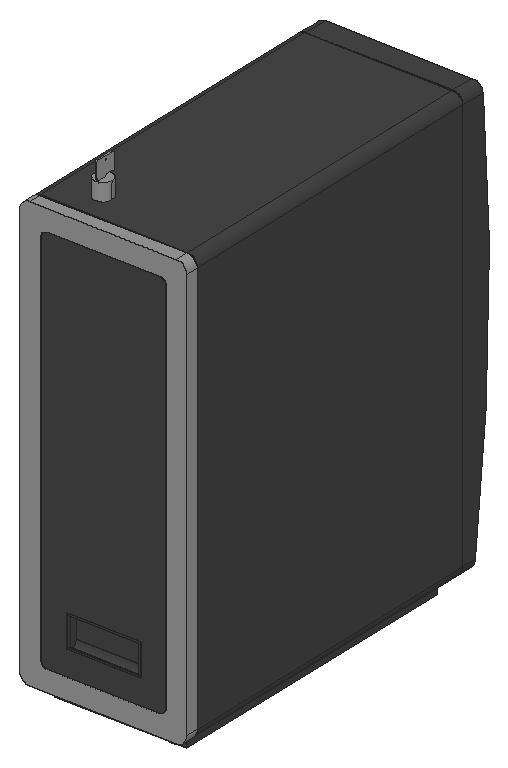
Revit family "Franke_Card_reader-A200(EU)", category Specialty Equipment, Revit 2015
Parameters (values of type "Card reader-A200(85-264V/anthracite/EU)")
  Volts min. = 85 V
  Max Overcurrent Protection = 10 A
  Cycle Alternative = 60 Hz
  Cycle = 50 Hz
  Watts = "system dependent"
  URL = "https://www.franke.com/main/en/cs/products/product-search.html"
  Depth (mm) = 452 mm
  Volts max. = 264 V
  Model = "410905 - Card reader-A200"
  Cost = 0
  Height (mm) = 544 mm
  Manufacturer = "Franke"
  Energy loss acc. to DIN 18873 = "-"
  Width (mm) = 200 mm
  Description = "payment systems key module - card reader"
  Assembly Code = "key module - payment systems"
  Keynote = "key module - payment systems"
  Weight = "18 kg"
  Number of Poles = 1
  Number of Protective Conductors = "1"
  Number of Nutral Conductors = "1"
  Frontcover = Franke Anthracite
Types (3, lengths in mm): name | Frontcover
  (no name) | Franke Anthracite
  Card reader-A200(85-264V/black line/EU) | Franke Black
  Card reader-A200(85-264V/anthracite/EU) | Franke Anthracite
Reference planes
  plane 1 "Mitte (Vorne/Hinten)": y = 0
  plane 2: z = 0
  plane 3 "Mitte (Links/Rechts)": x = 0
Forms (mm)
  Extrusion 1, solid, material "Franke Black"
    sketch origin (0, 0, -41) x (0, 1, 0) y (0, 0, 1)
      loop
        line (186.97, 65) -> (-188.03, 65) -> (-188.03, 45) -> (186.97, 45) -> (186.97, 65)
    from -79 to 79
  Extrusion 2, solid, material "Franke Black"
    sketch origin (-1000, 0, -41) x (0, 1, 0) y (0, 0, 1)
      loop
        line (199.53, 585) -> (199.53, 65) -> (216.03, 65)
        arc (216.03, 65) -> (224.982, 150.997) -> (233.478, 237.039) r 16328.175
        arc (233.478, 237.039) -> (233.864, 241.879) -> (234.093, 246.728) r 150
        arc (234.093, 246.728) -> (236.227, 326.074) -> (237.701, 405.435) r 9548.581
        arc (237.701, 405.435) -> (237.699, 406.999) -> (237.648, 408.563) r 50
        arc (237.648, 408.563) -> (233.118, 496.797) -> (228.03, 585) r 14002.549
        line (228.03, 585) -> (199.53, 585)
    from 900 to 1100
  Extrusion 3, void
    sketch origin (-1000, 0, -41) x (1, 0, 0) y (0, 0, 1)
      loop
        arc (1088, 585) -> (1096.485, 581.485) -> (1100, 573) r 12
        line (1100, 573) -> (1110, 573) -> (1110, 595) -> (1088, 595) -> (1088, 585)
      loop
        line (1088, 65) -> (1088, 55) -> (1110, 55) -> (1110, 77) -> (1100, 77)
        arc (1100, 77) -> (1096.485, 68.515) -> (1088, 65) r 12
      loop
        line (912, 585) -> (912, 595) -> (890, 595) -> (890, 573) -> (900, 573)
        arc (900, 573) -> (903.515, 581.485) -> (912, 585) r 12
      loop
        arc (912, 65) -> (903.515, 68.515) -> (900, 77) r 12
        line (900, 77) -> (890, 77) -> (890, 55) -> (912, 55) -> (912, 65)
    from -305.226 to 299.817
  Extrusion 4, solid, material "Franke Black"
    sketch origin (-35.869, -27.22, -41) x (1, 0, 0) y (0, 1, 0)
      loop
        circle (92.493, -139.31) r 16
      loop
        circle (-20.755, -139.31) r 16
      loop
        circle (92.493, 192.69) r 16
      loop
        circle (-20.755, 192.69) r 16
    from 41 to 45
  Extrusion 5, solid
    sketch origin (0, 397.56, -41) x (1, 0, 0) y (0, 0, 1)
      loop
        line (-85, 65) -> (85, 65) -> (85, 575) -> (-85, 575) -> (-85, 65)
    from 198.03 to 199.53
  Extrusion 6, solid
    sketch origin (0, 0, -41) x (1, 0, 0) y (0, 0, 1)
      loop
        line (-85, 65) -> (85, 65) -> (85, 575) -> (-85, 575) -> (-85, 65)
    from 198.03 to 199.53
  Extrusion 7, solid, material "Franke Black"
    sketch origin (0, 0, -41) x (1, 0, 0) y (0, 0, 1)
      loop
        line (88, 585) -> (-88, 585)
        arc (-88, 585) -> (-96.485, 581.485) -> (-100, 573) r 12
        line (-100, 573) -> (-100, 77)
        arc (-100, 77) -> (-96.485, 68.515) -> (-88, 65) r 12
        line (-88, 65) -> (88, 65)
        arc (88, 65) -> (96.485, 68.515) -> (100, 77) r 12
        line (100, 77) -> (100, 573)
        arc (100, 573) -> (96.485, 581.485) -> (88, 585) r 12
    from -198.03 to 198.03
  Extrusion 8, solid, material "Franke Chrome"
    sketch origin (0, 0, -41) x (1, 0, 0) y (0, 1, 0)
      loop
        circle (-42, -162.53) r 11
    from 585 to 605
  Extrusion 9, solid, material "Franke Anthracite" <- "Frontcover"
    sketch origin (0, 0, -41) x (1, 0, 0) y (0, 0, 1)
      loop
        line (88, 585) -> (-88, 585)
        arc (-88, 585) -> (-96.485, 581.485) -> (-100, 573) r 12
        line (-100, 573) -> (-100, 77)
        arc (-100, 77) -> (-96.485, 68.515) -> (-88, 65) r 12
        line (-88, 65) -> (88, 65)
        arc (88, 65) -> (96.485, 68.515) -> (100, 77) r 12
        line (100, 77) -> (100, 573)
        arc (100, 573) -> (96.485, 581.485) -> (88, 585) r 12
      loop
        arc (67, 90) -> (72.657, 92.343) -> (75, 98) r 8
        line (75, 98) -> (75, 552)
        arc (75, 552) -> (72.657, 557.657) -> (67, 560) r 8
        line (67, 560) -> (-67, 560)
        arc (-67, 560) -> (-72.657, 557.657) -> (-75, 552) r 8
        line (-75, 552) -> (-75, 98)
        arc (-75, 98) -> (-72.657, 92.343) -> (-67, 90) r 8
        line (-67, 90) -> (67, 90)
    from 199.53 to 214.53
  Extrusion 10, solid, material "Franke Black"
    sketch origin (0, 0, -41) x (1, 0, 0) y (0, 0, 1)
      loop
        arc (-67, 560) -> (-72.657, 557.657) -> (-75, 552) r 8
        line (-75, 552) -> (-75, 98)
        arc (-75, 98) -> (-72.657, 92.343) -> (-67, 90) r 8
        line (-67, 90) -> (67, 90)
        arc (67, 90) -> (72.657, 92.343) -> (75, 98) r 8
        line (75, 98) -> (75, 552)
        arc (75, 552) -> (72.657, 557.657) -> (67, 560) r 8
        line (67, 560) -> (-67, 560)
    from 199.53 to 214.53
  Extrusion 11, solid
    sketch origin (0, 0, -41) x (1, 0, 0) y (0, 0, 1)
      loop
        line (-85, 65) -> (85, 65) -> (85, 575) -> (-85, 575) -> (-85, 65)
    from 198.03 to 199.53
  Extrusion 12, solid, material "Franke Chrome"
    sketch origin (0, 0, -1.5) x (0, 1, 0) y (0, 0, 1)
      loop
        arc (-172.53, 569.367) -> (-172.178, 568.234) -> (-171.247, 567.5) r 2
        line (-171.247, 567.5) -> (-171.247, 565.5) -> (-160.53, 565.5) -> (-160.53, 566.541)
        arc (-160.53, 566.541) -> (-160.249, 567.219) -> (-159.571, 567.5) r 0.959
        line (-159.571, 567.5) -> (-149.53, 567.5)
        arc (-149.53, 567.5) -> (-148.116, 568.086) -> (-147.53, 569.5) r 2
        line (-147.53, 569.5) -> (-147.53, 585.5)
        arc (-147.53, 585.5) -> (-148.116, 586.914) -> (-149.53, 587.5) r 2
        line (-149.53, 587.5) -> (-170.53, 587.5)
        arc (-170.53, 587.5) -> (-171.944, 586.914) -> (-172.53, 585.5) r 2
        line (-172.53, 585.5) -> (-172.53, 569.367)
      loop
        circle (-160.03, 583.965) r 2
    from -43 to -41
  Extrusion 13, solid, material "Franke Black"
    sketch origin (0, 0, -21) x (1, 0, 0) y (0, 0, 1)
      loop
        line (-44.5, 139) -> (-44.5, 100) -> (44.5, 100) -> (44.5, 139) -> (-44.5, 139)
      loop
        line (-42.5, 137) -> (-42.5, 102) -> (42.5, 102) -> (42.5, 137) -> (-42.5, 137)
    from 212.53 to 214.53
  Extrusion 14, void
    sketch origin (0, 0, -21) x (0, 1, 0) y (0, 0, 1)
      loop
        line (-231.966, 139) -> (-231.966, 100) -> (-212.53, 100) -> (-212.53, 95) -> (-210.53, 95)
        arc (-210.53, 95) -> (-203.459, 97.929) -> (-200.53, 105) r 10
        line (-200.53, 105) -> (-200.53, 144) -> (-212.53, 144) -> (-212.53, 139) -> (-231.966, 139)
    from -44.5 to 44.5
  Extrusion 15, solid, material "Franke Chrome"
    sketch origin (0, 0, 0) x (1, 0, 0) y (0, 1, 0)
      loop
        circle (0, 156.641) r 2.5
    from 0 to 4
Cuts and joins
  Extrusion 3 cuts Extrusion 9
  Extrusion 3 cuts Extrusion 2
  Extrusion 14 cuts Extrusion 10
Dimensions and locks
  aligned and locked: level to plane 2
Connectors
  electrical at (0, 156.641, 0), driven by "Volts max.", driven by "Number of Poles"
    settings: on Extrusion 15, index 1, voltage 264 V, apparent load 0 VA, apparent load phase1 0 VA, apparent load phase2 0 VA, apparent load phase3 0 VA, power factor 1, load classification "Strom", number of poles 1, system type 31, power factor state 1, is connector primary yes, connector utility no, sub classification motor no, connector description ""
